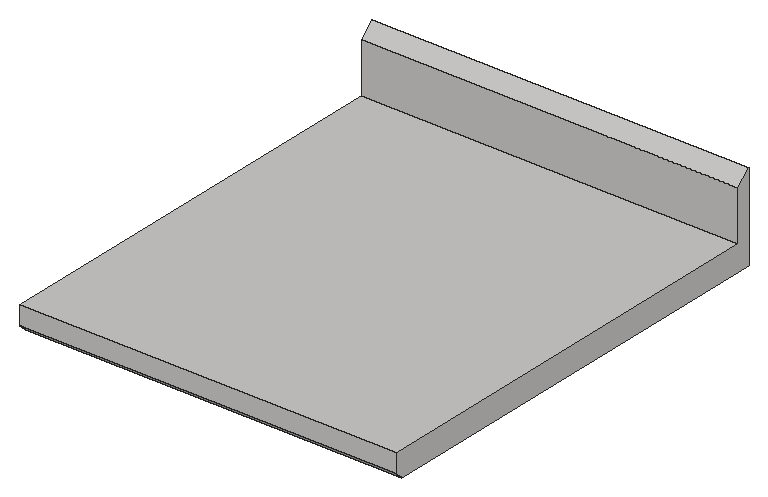
Revit family "QF_ELECTROLUXPROFESSIONAL_121132_TPLA6A", category Attrezzature speciali, Revit 2020
Family settings
  Quota connettore circolare = Usa diametro
  Tipo di parte = Normale
  Basato su piano di lavoro = No
  Sempre verticale = Sì
  Taglio con vuoti quando caricato = No
  Condiviso = No
  Punto di calcolo locali = No
Parameters (values of type "Standard")
  Weight = 21.00 kg
  Watts = 0 W
  Volts = 0 V
  URL Manufacturer = "https://www.electroluxprofessional.com/"
  URL = "https://www.electroluxprofessional.com/"
  Steam Supply Size = 0 mm
  Steam Supply Minimum Pressure = 0.0 Pa
  Steam Supply Maximum Pressure = 0.0 Pa
  Steam Consumption per Hour = 0
  Refrigeration Suction Line Size = 0.0 mm
  Refrigeration Liquid Line Size = 0.0 mm
  Refrigerant Compressor Remote = yes
  Prospetto di default = 0.0 mm
  Phase = 0
  Modello = "TPLA6A"
  Produttore = "Electrolux Professional"
  Length Actual = 600.0 mm  # constant formula
  Item Number = "121132"
  Hot Water Size = 0 mm
  Height Actual = 140.0 mm  # constant formula
  HP = "0 HP"
  Gas Size = 0 mm
  Gas KW = 0
  Gas Input Pressure = 0 W
  Direct Waste Size = 0 mm
  Descrizione = "WORK TOP WITH UPSTAND 600MM"
  Depth Actual = 700.0 mm  # constant formula
  Cycle = 0 Hz
  Condensate Return Size = 0 mm
  Compressed Air Volume = 0.0 L/s
  Compressed Air Size = 0 mm
  Compressed Air Pressure = 0.0 Pa
  Cold Water Size = 0 mm
  Accessory = yes
Reference planes
  plane 1 "Center (Front/Back)": y = 0
  plane 2: z = 0
  plane 3 "Center (Left/Right)": x = 200
  plane 4 "LEFT": x = -100
  plane 5 "RIGHT": x = 500
  plane 6 "BACK": y = 350
  plane 7 "FRONT": y = -350
  plane 8 "TOP": z = 1000
  plane 9: z = 900
  plane 10: z = 860
Forms (mm)
  Extrusion 1, solid, material "QF_Finishes_Stainless Steel"
    sketch origin (200, 0, 0) x (0, 1, 0) y (0, 0, 1)
      loop
        line (350, 1000) -> (330, 980) -> (330, 900) -> (-350, 900) -> (-350, 870) -> (-340, 860) -> (350, 860) -> (350, 1000)
    from 300 to -300
Lines and regions (mm)
  symbolic lines
    curve 1: line (500, 350, 1000) -> (-100, 350, 1000)
    curve 2: line (-100, 350, 1000) -> (-100, -350, 1000)
    curve 3: line (-100, -350, 1000) -> (500, -350, 1000)
    curve 4: line (500, -350, 1000) -> (500, 350, 1000)
    curve 5: line (-100, 330, 1000) -> (500, 330, 1000)
Dimensions and locks
  plane 4 "LEFT" to plane 5 "RIGHT" = 600.0 mm
  equal spacing: plane 4 "LEFT", plane 3 "Center (Left/Right)", plane 5 "RIGHT"
  plane 6 "BACK" to plane 7 "FRONT" = 700.0 mm
  equal spacing: plane 6 "BACK", plane 1 "Center (Front/Back)", plane 7 "FRONT"
  locked: plane 8 "TOP" to plane 9 at 100
  locked: plane 6 "BACK" to Extrusion 1 sketch curve at 20
  plane 10 to level = 860.0 mm
  plane 8 "TOP" to plane 10 = 140.0 mm
  aligned and locked: level to plane 2
  aligned and locked: Extrusion 1 to plane 4 "LEFT"
  aligned and locked: plane 5 "RIGHT" to Extrusion 1
  aligned and locked: curve 2 to plane 4 "LEFT"
  aligned and locked: Extrusion 1 sketch curve to plane 9
  aligned and locked: Extrusion 1 sketch curve to plane 6 "BACK"
  aligned and locked: plane 7 "FRONT" to Extrusion 1 sketch curve
  aligned and locked: plane 10 to Extrusion 1 sketch curve
Automatic sketch dimensions
  curve 3 to plane 7 "FRONT" = 0.0 mm
  curve 4 to plane 5 "RIGHT" = 0.0 mm
  curve 4 to plane 6 "BACK" = 0.0 mm
  curve 5 to plane 6 "BACK" = 20.0 mm
  Extrusion 1 sketch curve to plane 8 "TOP" = 0.0 mm
  Extrusion 1 sketch curve to plane 8 "TOP" = 20.0 mm
  plane 7 "FRONT" to Extrusion 1 sketch curve = 10.0 mm
  level to Extrusion 1 sketch curve = 870.0 mm
